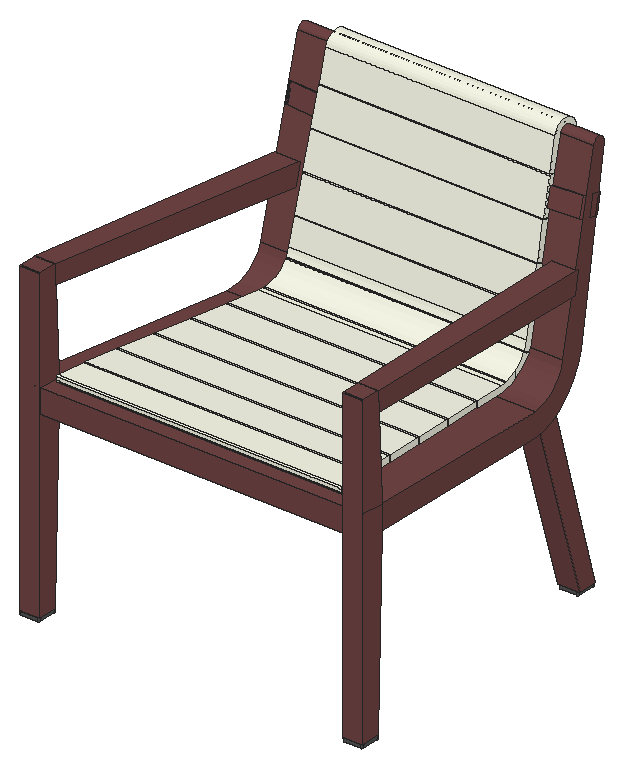
Revit family "Haworth_Janus_Quinta_Chair_Lounge", category Furniture, Revit 2018
Family settings
  OmniClass Number = 23.40.70.14.64.21
  OmniClass Title = Systems Furniture
  Work Plane-Based = No
  Always vertical = Yes
  Cut with Voids When Loaded = No
  Shared = No
  Room Calculation Point = No
Parameters (values of type "HCJC-QN-L1A-J - With Arms - Fiber Frame - With Cushion")
  Without Arms = not(With Arms)  # no
  With Arms = yes
  Warranty = "https://www.haworth.com/resources/product-info/warranties"
  URL - Product = "https://www.haworth.com/products/seating/outdoor/quinta"
  Type Comments = ""
  Support Finish [instance] = Haworth _ Fabric _ JANUSfiber _ Bronze JJF-40
  Cushion Finish [instance] = Haworth _ Fabric _ JANUSfiber _ Limestone JJF-12
  Cushion = yes
  Arm Height = if(With Arms, 25 1/2", 17")  # 25 1/2"
  Model = "HCJC-QN-L1A-J"
  URL = "http://www.haworth.com/our-brands/haworth-collection"
  Size = "Verify Final Dim. w/ Haworth"  # constant formula
  Revision Number = "2"  # constant formula
  Manufacturer = "Haworth"  # constant formula
  Seat Height = if(With Arms, 17 1/4", 17")  # 17 1/4"
  Glide Finish = Haworth _ Polymer _ Black
  Description = "Haworth Janus Quinta - Lounge Chair with Arm"
  Author = "Haworth (Abd Rahman)"  # constant formula
  Assembly Code = "E2020200"
  Actual Width = 28"
  Actual Height = 32 1/2"  # constant formula
  Actual Depth = 27"  # constant formula
Types (7): name | Without Arms | With Arms | Support Finish | Cushion | Arm Height | Model | Seat Height | Description
  (no name) | no | yes | Haworth _ Fabric _ JANUSfiber _ Bronze JJF-40 | yes | 25 1/2" | "HCJC-QN-L1A-J" | 17 1/4" | "Haworth Janus Quinta - Lounge Chair with Arm"
  HCJC-QN-L1A-W - With Arms - Wood Frame - With Cushion | no | yes | Haworth _ Wood _ JanusQuinta _ Natural Teak JW1-97 | yes | 25 1/2" | "HCJC-QN-L1A-W" | 17 1/4" | "Haworth Janus Quinta - Lounge Chair with Arm"
  HCJC-QN-L1A-J - With Arms - Fiber Frame - With Cushion | no | yes | Haworth _ Fabric _ JANUSfiber _ Bronze JJF-40 | yes | 25 1/2" | "HCJC-QN-L1A-J" | 17 1/4" | "Haworth Janus Quinta - Lounge Chair with Arm"
  HCJC-QN-L1N-W - No Arms - Wood Frame - With Cushion | yes | no | Haworth _ Wood _ JanusQuinta _ Natural Teak JW1-97 | yes | 17" | "HCJC-QN-L1N-W" | 17" | "Haworth Janus Quinta - Lounge Chair No Arma"
  HCJC-QN-L1A-J - With Arms - Fiber Frame - No Cushion | no | yes | Haworth _ Fabric _ JANUSfiber _ Bronze JJF-40 | no | 25 1/2" | "HCJC-QN-L1A-J" | 17 1/4" | "Haworth Janus Quinta - Lounge Chair with Arm"
  HCJC-QN-L1A-W - With Arms - Wood Frame - No Cushion | no | yes | Haworth _ Wood _ JanusQuinta _ Natural Teak JW1-97 | no | 25 1/2" | "HCJC-QN-L1A-W" | 17 1/4" | "Haworth Janus Quinta - Lounge Chair with Arm"
  HCJC-QN-L1N-W - No Arms - Wood Frame - No Cushion | yes | no | Haworth _ Wood _ JanusQuinta _ Natural Teak JW1-97 | no | 17" | "HCJC-QN-L1N-W" | 17" | "Haworth Janus Quinta - Lounge Chair No Arma"
Reference planes (in)
  plane 1 "Center F/B": y = -0.15866
  plane 2 "Floor": z = 0
  plane 3 "Center L/R": x = -0.125
  plane 4: z = 0
  plane 5: x = -14.125
  plane 6: y = 13.34134
  plane 7: y = -13.65866
  plane 8: x = 13.875
  plane 9 "Arm Height": z = 25.5
  plane 10: z = 0.25
  plane 11 "Leg Height": z = 17.25
  plane 12: z = 32.5
  plane 13: x = 12.27799
  plane 14: x = -12.52799
  plane 15: x = 10.53872
  plane 16: x = -10.78872
  plane 17: through (480, 6.37751, 13.75144) normal (0, 0.9572, 0.2893)
  plane 18: through (480, 12.06018, 0.25) normal (0, -0.9613, -0.2755)
Forms (in)
  Extrusion 1, solid, material "Haworth _ Fabric _ JANUSfiber _ Bronze JJF-40" <- "Support Finish", visible <- "With Arms"
    sketch origin (-0.125, 0, 0) x (0, 1, 0) y (0, 0, 1)
      loop
        line (-12.08354, 25.48172) -> (-12.00968, 23.9567) -> (9.99753, 22.12789) -> (10.42295, 23.8559) -> (-12.08354, 25.48172)
    from 9.83453 to 14.46051
  Extrusion 2, void
    sketch origin (0, 0, 0) x (1, 0, 0) y (0, 1, 0)
      loop
        line (13.96426, -12.3403) -> (14.74028, -12.3403) -> (14.74028, 10.42295) -> (12.20052, 10.42295) -> (13.96426, -12.3403)
      loop
        line (10.17955, 10.42295) -> (9.70953, 10.42295) -> (9.70953, -12.54014) -> (12.22618, -12.54014) -> (12.22618, -12.14045) -> (10.17955, 10.42295)
    from 14.27881 to 27.46666
  Extrusion 3, solid, material "Haworth _ Fabric _ JANUSfiber _ Bronze JJF-40" <- "Support Finish", visible <- "With Arms"
    sketch origin (-2.375, 0, 0) x (0, 1, 0) y (0, 0, -1)
      loop
        line (-12.08205, -25.49922) -> (10.42721, -23.8732) -> (9.99753, -22.12789) -> (-12.02184, -23.95778) -> (-12.08205, -25.49922)
    from 7.85551 to 12
  Extrusion 4, solid, material "Haworth _ Fabric _ JANUSfiber _ Bronze JJF-40" <- "Support Finish"
    sketch origin (-0.125, 0, 0.17962) x (0, 1, 0) y (0, 0, 1)
      loop
        line (-13.65866, 15.03243) -> (5.50208, 13.5611)
        arc (5.50208, 13.5611) -> (8.93146, 14.58178) -> (10.8007, 17.63275) r 5
        line (10.8007, 17.63275) -> (13.43966, 31.58106)
        arc (13.43966, 31.58106) -> (13.00154, 32.23806) -> (12.33295, 31.81783) r 0.56608
        line (12.33295, 31.81783) -> (8.86455, 17.75677)
        arc (8.86455, 17.75677) -> (7.71014, 16.04452) -> (5.72261, 15.48401) r 3
        line (5.72261, 15.48401) -> (-13.65866, 16.96935) -> (-13.65866, 15.03243)
    from -14 to 14
  Extrusion 5, void
    sketch origin (0, 0, 0) x (1, 0, 0) y (0, 1, 0)
      loop
        line (-14.09957, -11.83217) -> (-12.06189, 14.24055) -> (-15.12816, 14.24055) -> (-15.12816, -11.83217) -> (-14.09957, -11.83217)
    from 13.03853 to 36.94343
  Extrusion 6, void
    sketch origin (-0.25, 0, 0) x (-1, 0, 0) y (0, -1, 0)
      loop
        line (13.96426, 12.3403) -> (12.20019, -10.42721) -> (14.74028, -10.42721) -> (14.74028, 12.3403) -> (13.96426, 12.3403)
      loop
        line (10.17917, -10.42721) -> (12.22618, 12.14045) -> (12.22618, 12.54014) -> (9.70953, 12.54014) -> (9.70953, -10.42721) -> (10.17917, -10.42721)
    from 14.27881 to 27.46666
  Extrusion 7, void
    sketch origin (-0.25, 0, 0) x (-1, 0, 0) y (0, -1, 0)
      loop
        line (-14.09957, 11.83217) -> (-15.12816, 11.83217) -> (-15.12816, -14.24055) -> (-12.06189, -14.24055) -> (-14.09957, 11.83217)
    from 13.03853 to 36.94343
  Extrusion 8, solid, material "Haworth _ Fabric _ JANUSfiber _ Bronze JJF-40" <- "Support Finish", visible <- "With Arms"
    sketch origin (-0.125, 0, 0) x (0, 1, 0) y (0, 0, 1)
      loop
        line (-13.65866, 0.25) -> (-12.08443, 0.25) -> (-11.69696, 15.31279) -> (-11.69696, 17.25) -> (-12.01004, 23.96409) -> (-12.08443, 25.5) -> (-13.60123, 25.5)
        arc (-13.60123, 25.5) -> (-13.64184, 25.48318) -> (-13.65866, 25.44257) r 0.05743
        line (-13.65866, 25.44257) -> (-13.65866, 0.25)
    from -14 to -12.40299
  Extrusion 9, solid, material "Haworth _ Fabric _ JANUSfiber _ Bronze JJF-40" <- "Support Finish", visible <- "With Arms"
    sketch origin (-0.125, 0, 0) x (0, 1, 0) y (0, 0, -1)
      loop
        line (-13.65866, -0.25) -> (-13.65866, -25.44257)
        arc (-13.65866, -25.44257) -> (-13.64184, -25.48318) -> (-13.60123, -25.5) r 0.05743
        line (-13.60123, -25.5) -> (-12.08443, -25.5) -> (-12.01004, -23.96409) -> (-11.69696, -17.25) -> (-11.69696, -15.31279) -> (-12.08443, -0.25) -> (-13.65866, -0.25)
    from -14 to -12.40299
  Extrusion 10, solid, material "Haworth _ Polymer _ Black" <- "Glide Finish"
    sketch origin (0, 0.21875, 0) x (1, 0, 0) y (0, 1, 0)
      loop
        arc (12.38813, -12.26496) -> (12.29944, -12.3017) -> (12.2627, -12.3904) r 0.12543
        line (12.2627, -12.3904) -> (12.2627, -13.79903)
        arc (12.2627, -13.79903) -> (12.29964, -13.88822) -> (12.38883, -13.92516) r 0.12613
        line (12.38883, -13.92516) -> (13.75, -13.92516)
        arc (13.75, -13.92516) -> (13.83839, -13.88855) -> (13.875, -13.80016) r 0.125
        line (13.875, -13.80016) -> (13.875, -12.38996)
        arc (13.875, -12.38996) -> (13.83839, -12.30158) -> (13.75, -12.26496) r 0.125
        line (13.75, -12.26496) -> (12.38813, -12.26496)
    from 0 to 0.25
  Extrusion 11, solid, material "Haworth _ Polymer _ Black" <- "Glide Finish"
    sketch origin (-0.25, 0.21875, 0) x (-1, 0, 0) y (0, -1, 0)
      loop
        line (12.38813, 12.26496) -> (13.75, 12.26496)
        arc (13.75, 12.26496) -> (13.83839, 12.30158) -> (13.875, 12.38996) r 0.125
        line (13.875, 12.38996) -> (13.875, 13.80016)
        arc (13.875, 13.80016) -> (13.83839, 13.88855) -> (13.75, 13.92516) r 0.125
        line (13.75, 13.92516) -> (12.38883, 13.92516)
        arc (12.38883, 13.92516) -> (12.29964, 13.88822) -> (12.2627, 13.79903) r 0.12613
        line (12.2627, 13.79903) -> (12.2627, 12.3904)
        arc (12.2627, 12.3904) -> (12.29944, 12.3017) -> (12.38813, 12.26496) r 0.12543
    from 0 to 0.25
  Extrusion 12, solid, material "Haworth _ Polymer _ Black" <- "Glide Finish"
    sketch origin (-1.66895, -1.82987, 0) x (1, 0, 0) y (0, 1, 0)
      loop
        line (12.38813, 12.26496) -> (13.75, 12.26496)
        arc (13.75, 12.26496) -> (13.83839, 12.30158) -> (13.875, 12.38996) r 0.125
        line (13.875, 12.38996) -> (13.875, 13.80016)
        arc (13.875, 13.80016) -> (13.83839, 13.88855) -> (13.75, 13.92516) r 0.125
        line (13.75, 13.92516) -> (12.38883, 13.92516)
        arc (12.38883, 13.92516) -> (12.29964, 13.88822) -> (12.2627, 13.79903) r 0.12613
        line (12.2627, 13.79903) -> (12.2627, 12.3904)
        arc (12.2627, 12.3904) -> (12.29944, 12.3017) -> (12.38813, 12.26496) r 0.12543
    from 0 to 0.25
  Extrusion 13, solid, material "Haworth _ Polymer _ Black" <- "Glide Finish"
    sketch origin (1.39766, -1.82989, 0) x (-1, 0, 0) y (0, -1, 0)
      loop
        arc (12.38813, -12.26496) -> (12.29944, -12.3017) -> (12.2627, -12.3904) r 0.12543
        line (12.2627, -12.3904) -> (12.2627, -13.79903)
        arc (12.2627, -13.79903) -> (12.29964, -13.88822) -> (12.38883, -13.92516) r 0.12613
        line (12.38883, -13.92516) -> (13.75, -13.92516)
        arc (13.75, -13.92516) -> (13.83839, -13.88855) -> (13.875, -13.80016) r 0.125
        line (13.875, -13.80016) -> (13.875, -12.38996)
        arc (13.875, -12.38996) -> (13.83839, -12.30158) -> (13.75, -12.26496) r 0.125
        line (13.75, -12.26496) -> (12.38813, -12.26496)
    from 0 to 0.25
  Extrusion 14, solid, material "Haworth _ Fabric _ JANUSfiber _ Bronze JJF-40" <- "Support Finish"
    sketch origin (-0.125, 1.97303, -0.48574) x (0, 1, 0) y (0, 0, 1)
      loop
        line (4.40448, 14.23719) -> (8.48459, 0.73574) -> (10.08715, 0.73574) -> (6.08054, 14.71748)
        arc (6.08054, 14.71748) -> (5.23734, 14.49539) -> (4.40448, 14.23719) r 20.23428
    from 10.66372 to 12.40299
  Extrusion 15, solid, material "Haworth _ Fabric _ JANUSfiber _ Bronze JJF-40" <- "Support Finish"
    sketch origin (-0.125, 1.97303, -0.48574) x (0, 1, 0) y (0, 0, -1)
      loop
        arc (4.40448, -14.23719) -> (5.23734, -14.49539) -> (6.08054, -14.71748) r 20.23428
        line (6.08054, -14.71748) -> (10.08715, -0.73574) -> (8.48459, -0.73574) -> (4.40448, -14.23719)
    from 10.66372 to 12.40299
  Extrusion 16, solid, material "Haworth _ Fabric _ JANUSfiber _ Bronze JJF-40" <- "Support Finish"
    sketch origin (-0.125, -4.25, 0) x (0, 1, 0) y (0, 0, -1)
      loop
        line (-9.40866, -0.25) -> (-9.40866, -17.14896) -> (-7.44987, -16.99885) -> (-7.44987, -15.2017) -> (-7.83443, -0.25) -> (-9.40866, -0.25)
    from -14 to -12.40299
  Extrusion 17, solid, material "Haworth _ Fabric _ JANUSfiber _ Bronze JJF-40" <- "Support Finish"
    sketch origin (-0.125, -4.25, 0) x (0, 1, 0) y (0, 0, 1)
      loop
        line (-9.40866, 0.25) -> (-7.83443, 0.25) -> (-7.44987, 15.2017) -> (-7.44987, 16.99885) -> (-9.40866, 17.14896) -> (-9.40866, 0.25)
    from -14 to -12.40299
Cuts and joins
  Extrusion 2, Extrusion 6 cuts Extrusion 1
  Extrusion 5, Extrusion 7 cuts Extrusion 4
  joined: Extrusion 4, Extrusion 14, Extrusion 15, Extrusion 16, Extrusion 17
  Extrusion 6, Extrusion 7 cuts Extrusion 3
Lines and regions (in)
  Masking region 1
    outline origin (0, 0, 0) x (1, 0, 0) y (0, 1, 0)
      loop
        line (-12.52799, 13.34134) -> (-14.125, -13.65866) -> (13.875, -13.65866) -> (12.27799, 13.34134) -> (-12.52799, 13.34134)
  symbolic lines, style "Haworth"
    curve 1: line (-9.9873, 8.86747, 0) -> (9.5127, 8.86747, 0)
  symbolic lines, style "Haworth", visible <- "With Arms"
    curve 2: line (-10.2627, 10.8007, 0) -> (-12.40262, -13.65866, 0)
    curve 3: line (-10.2627, 10.8007, 0) -> (-12.67826, 10.8007, 0)
    curve 4: line (10.0127, 10.8007, 0) -> (12.15262, -13.65866, 0)
    curve 5: line (10.0127, 10.8007, 0) -> (12.42826, 10.8007, 0)
Dimensions and locks (in)
  "Actual Width": plane 5 to plane 8
  equal spacing: plane 5, plane 3 "Center L/R", plane 8
  "Actual Depth": plane 6 to plane 7
  equal spacing: plane 6, plane 1 "Center F/B", plane 7
  "Seat Height": plane 11 "Leg Height" to plane 4
  plane 4 to plane 11 "Leg Height" = 17 1/4"
  "Arm Height": plane 9 "Arm Height" to plane 4
  "Actual Height": plane 12 to plane 4
  plane 16 to plane 14 to plane 5 = 1.73927" locked, 1.59701" locked
  plane 15 to plane 13 to plane 8 = 1.73927" locked, 1.59701" locked
  aligned and locked: Extrusion 4 to plane 5
  aligned and locked: Extrusion 4 to plane 8
  aligned and locked: plane 8 to Extrusion 10 sketch curve
  aligned and locked: Extrusion 10 to plane 4
  aligned and locked: plane 10 to Extrusion 10
  aligned and locked: plane 6 to Masking region 1 sketch curve
  aligned and locked: plane 7 to Masking region 1 sketch curve
  aligned and locked: Extrusion 14 to plane 13
  aligned and locked: plane 15 to Extrusion 14
  aligned and locked: plane 14 to Extrusion 15
  aligned and locked: plane 16 to Extrusion 15
  aligned and locked: plane 7 to Extrusion 16 sketch curve
  aligned and locked: Extrusion 16 to plane 8
  aligned and locked: Extrusion 15 to plane 16
  aligned and locked: Extrusion 14 to plane 15
  aligned and locked: plane 13 to Extrusion 16
  aligned and locked: Extrusion 17 to plane 5
  aligned and locked: Extrusion 17 to plane 14
  aligned and locked: Extrusion 9 to plane 8
  aligned and locked: plane 13 to Extrusion 9
  aligned and locked: Extrusion 8 to plane 5
  aligned and locked: Extrusion 8 to plane 14
  aligned and locked: cut or joined group of Extrusion 4, Extrusion 5, Extrusion 7, Extrusion 14, Extrusion 15, Extrusion 16, Extrusion 17 to plane 7
  aligned and locked: Masking region 1 to plane 6
Automatic sketch dimensions
  curve 2 to plane 7 = 0"
  curve 4 to plane 7 = 0"
  plane 16 to curve 2 = 0.52602"
  plane 15 to curve 5 = 0.52602"
  plane 6 to curve 4 = 2.54064"
  plane 6 to curve 3 = 2.54064"
  curve 2 to plane 14 = 0.12537"
  plane 14 to curve 3 = 0.15028"
  plane 16 to curve 1 = 0.80142"
  plane 15 to curve 1 = 1.02602"
  plane 13 to curve 4 = 0.12537"
  curve 5 to plane 13 = 0.15028"
  curve 1 to curve 4 = 1.93323"
  Extrusion 1 sketch curve to plane 9 "Arm Height" = 0.01828"
  plane 7 to Extrusion 1 sketch curve = 1.57512"
  Extrusion 1 sketch curve to Extrusion 1 sketch curve = 0.07386"
  plane 6 to Extrusion 1 sketch curve = 3.34381"
  Extrusion 1 sketch curve to Extrusion 1 sketch curve = 0.42542"
  Extrusion 1 sketch curve to Extrusion 1 sketch curve = 1.52501"
  Extrusion 1 sketch curve to plane 9 "Arm Height" = 1.6441"
  Extrusion 1 sketch curve to Extrusion 1 sketch curve = 1.72801"
  plane 15 to Extrusion 2 sketch curve = 0.82919"
  plane 15 to Extrusion 2 sketch curve = 0.35916"
  plane 13 to Extrusion 2 sketch curve = 0.07747"
  plane 13 to Extrusion 2 sketch curve = 0.0518"
  Extrusion 2 sketch curve to plane 8 = 0.08926"
  Extrusion 2 sketch curve to plane 8 = 0.86528"
  plane 7 to Extrusion 2 sketch curve = 1.11851"
  plane 7 to Extrusion 2 sketch curve = 1.31836"
  Extrusion 2 sketch curve to Extrusion 2 sketch curve = 0.39969"
  plane 6 to Extrusion 2 sketch curve = 2.91839"  (x2)
  Extrusion 3 sketch curve to plane 9 "Arm Height" = 0.00078"
  plane 7 to Extrusion 3 sketch curve = 1.57661"
  Extrusion 3 sketch curve to Extrusion 3 sketch curve = 0.06021"
  plane 6 to Extrusion 3 sketch curve = 3.34381"
  Extrusion 3 sketch curve to Extrusion 3 sketch curve = 55/128"
  Extrusion 3 sketch curve to plane 9 "Arm Height" = 1.54222"
  Extrusion 3 sketch curve to plane 9 "Arm Height" = 1.6268"
  Extrusion 3 sketch curve to Extrusion 3 sketch curve = 1.74531"
  Extrusion 5 sketch curve to plane 5 = 1.00316"
  plane 5 to Extrusion 5 sketch curve = 0.02543"
  Extrusion 5 sketch curve to plane 14 = 0.4661"
  plane 7 to Extrusion 5 sketch curve = 1.82649"
  Extrusion 5 sketch curve to plane 6 = 0.89921"
  Extrusion 6 sketch curve to plane 16 = 0.82919"
  Extrusion 6 sketch curve to plane 16 = 0.35955"
  plane 14 to Extrusion 6 sketch curve = 0.0778"
  plane 14 to Extrusion 6 sketch curve = 0.0518"
  plane 5 to Extrusion 6 sketch curve = 0.08926"
  plane 5 to Extrusion 6 sketch curve = 0.86528"
  Extrusion 6 sketch curve to plane 7 = 1.11851"
  Extrusion 6 sketch curve to plane 7 = 1.31836"
  Extrusion 6 sketch curve to Extrusion 6 sketch curve = 0.39969"
  Extrusion 6 sketch curve to plane 6 = 2.91413"  (x2)
  plane 8 to Extrusion 7 sketch curve = 1.00316"
  Extrusion 7 sketch curve to plane 8 = 0.02543"
  Extrusion 7 sketch curve to plane 13 = 0.4661"
  Extrusion 7 sketch curve to plane 7 = 1.82649"
  plane 6 to Extrusion 7 sketch curve = 0.89921"
  Extrusion 8 sketch curve to plane 7 = 0"
  Extrusion 8 sketch curve to plane 9 "Arm Height" = 0"
  Extrusion 8 sketch curve to plane 10 = 0"
  Extrusion 8 sketch curve to Extrusion 8 sketch curve = 0.05743"
  Extrusion 8 sketch curve to Extrusion 8 sketch curve = 1.5168"
  Extrusion 8 sketch curve to Extrusion 8 sketch curve = 1 147/256"
  plane 11 "Leg Height" to Extrusion 8 sketch curve = 0"
  plane 7 to Extrusion 8 sketch curve = 1.9617"
  Extrusion 8 sketch curve to plane 11 "Leg Height" = 1.93721"
  Extrusion 8 sketch curve to Extrusion 8 sketch curve = 0.07439"
  Extrusion 8 sketch curve to Extrusion 8 sketch curve = 0"  (x2)
  Extrusion 8 sketch curve to plane 9 "Arm Height" = 1.53591"
  Extrusion 9 sketch curve to plane 7 = 0"
  Extrusion 9 sketch curve to plane 9 "Arm Height" = 0"
  Extrusion 9 sketch curve to plane 10 = 0"
  Extrusion 9 sketch curve to Extrusion 9 sketch curve = 0.05743"
  Extrusion 9 sketch curve to Extrusion 9 sketch curve = 1.5168"
  Extrusion 9 sketch curve to Extrusion 9 sketch curve = 1 147/256"
  plane 11 "Leg Height" to Extrusion 9 sketch curve = 0"
  plane 7 to Extrusion 9 sketch curve = 1.9617"
  Extrusion 9 sketch curve to plane 11 "Leg Height" = 1.93721"
  Extrusion 9 sketch curve to Extrusion 9 sketch curve = 0.07439"
  Extrusion 9 sketch curve to Extrusion 9 sketch curve = 0"  (x2)
  Extrusion 9 sketch curve to plane 9 "Arm Height" = 1.53591"
  plane 7 to Extrusion 10 sketch curve = 0.07725"
  plane 8 to Extrusion 10 sketch curve = 1/8"  (x2)
  Extrusion 10 sketch curve to plane 13 = 0.11084"
  Extrusion 10 sketch curve to plane 13 = 0.11014"
  plane 13 to Extrusion 10 sketch curve = 0.01529"
  Extrusion 10 sketch curve to Extrusion 10 sketch curve = 1.40863"
  Extrusion 11 sketch curve to plane 5 = 0"
  Extrusion 11 sketch curve to plane 7 = 0.07725"
  Extrusion 11 sketch curve to Extrusion 11 sketch curve = 1/8"  (x2)
  Extrusion 11 sketch curve to plane 14 = 0.11084"
  Extrusion 11 sketch curve to plane 14 = 0.11014"
  plane 14 to Extrusion 11 sketch curve = 0.01529"
  Extrusion 11 sketch curve to Extrusion 11 sketch curve = 1.40863"
  plane 15 to Extrusion 12 sketch curve = 0.05503"
  Extrusion 12 sketch curve to Extrusion 12 sketch curve = 0.12543"
  Extrusion 12 sketch curve to Extrusion 12 sketch curve = 0.12613"
  Extrusion 12 sketch curve to plane 13 = 0.19694"  (x2)
  Extrusion 12 sketch curve to plane 13 = 0.07194"
  Extrusion 12 sketch curve to plane 6 = 1.24605"
  Extrusion 12 sketch curve to Extrusion 12 sketch curve = 1.40863"
  Extrusion 13 sketch curve to plane 16 = 0.07632"
  Extrusion 13 sketch curve to Extrusion 13 sketch curve = 0.12543"
  Extrusion 13 sketch curve to Extrusion 13 sketch curve = 0.12613"
  Extrusion 13 sketch curve to plane 14 = 0.17565"  (x2)
  Extrusion 13 sketch curve to plane 14 = 0.05065"
  plane 6 to Extrusion 13 sketch curve = 1.24607"
  Extrusion 13 sketch curve to Extrusion 13 sketch curve = 1.40863"
  Masking region 1 sketch curve to plane 5 = 0"
  Masking region 1 sketch curve to plane 14 = 0"
  Masking region 1 sketch curve to plane 13 = 0"
  Masking region 1 sketch curve to plane 8 = 0"
  Extrusion 14 sketch curve to plane 17 = 0"  (x2)
  plane 18 to Extrusion 14 sketch curve = 0"  (x2)
  Extrusion 14 sketch curve to plane 10 = 0"
  Extrusion 14 sketch curve to plane 11 "Leg Height" = 3.01826"
  level to Extrusion 14 sketch curve = 13.75144"
  plane 6 to Extrusion 14 sketch curve = 0.55699"
  Extrusion 15 sketch curve to plane 17 = 0"  (x2)
  plane 18 to Extrusion 15 sketch curve = 0"  (x2)
  Extrusion 15 sketch curve to plane 10 = 0"
  Extrusion 15 sketch curve to plane 11 "Leg Height" = 3.01826"
  level to Extrusion 15 sketch curve = 13.75144"
  plane 6 to Extrusion 15 sketch curve = 0.55699"
  Extrusion 16 sketch curve to plane 10 = 0"
  Extrusion 16 sketch curve to Extrusion 16 sketch curve = 1 147/256"
  plane 7 to Extrusion 16 sketch curve = 1.95879"
  Extrusion 16 sketch curve to plane 11 "Leg Height" = 2.0483"
  Extrusion 16 sketch curve to plane 11 "Leg Height" = 0.25115"
  Extrusion 16 sketch curve to plane 11 "Leg Height" = 0.10104"
  Extrusion 17 sketch curve to plane 7 = 0"
  Extrusion 17 sketch curve to plane 10 = 0"
  plane 7 to Extrusion 17 sketch curve = 1 147/256"
  plane 7 to Extrusion 17 sketch curve = 1.95879"
  Extrusion 17 sketch curve to plane 11 "Leg Height" = 2.0483"
  Extrusion 17 sketch curve to plane 11 "Leg Height" = 0.25115"
  Extrusion 17 sketch curve to plane 11 "Leg Height" = 0.10104"
  Extrusion 4 sketch curve to plane 7 = 0"
  Extrusion 4 sketch curve to plane 1 "Center F/B" = 5.66073"
  Extrusion 4 sketch curve to plane 11 "Leg Height" = 1.58637"
  Extrusion 4 sketch curve to Extrusion 4 sketch curve = 0.22053"
  plane 11 "Leg Height" to Extrusion 4 sketch curve = 1.47604"
  Extrusion 4 sketch curve to Extrusion 4 sketch curve = 0.16228"
  Extrusion 4 sketch curve to Extrusion 4 sketch curve = 0.06696"
  plane 11 "Leg Height" to Extrusion 4 sketch curve = 0.68639"
  plane 11 "Leg Height" to Extrusion 4 sketch curve = 0.56237"
  Extrusion 4 sketch curve to Extrusion 4 sketch curve = 1.93616"
  Extrusion 4 sketch curve to plane 12 = 0.50255"
  plane 6 to Extrusion 4 sketch curve = 1.00839"
  plane 6 to Extrusion 4 sketch curve = 0.45823"
  Extrusion 4 sketch curve to plane 6 = 0.09832"
  Extrusion 4 sketch curve to plane 11 "Leg Height" = 2.03795"
  Extrusion 4 sketch curve to plane 11 "Leg Height" = 0.10104"
  Extrusion 4 sketch curve to Extrusion 4 sketch curve = 0.07119"
  Extrusion 4 sketch curve to plane 12 = 0.73933"
Nested families (in)
  nested 1: "Haworth_JanusQuinta_Cafe_Side_Chair_Cushion_Part" at (4, 2.75, -0.75), visible <- "Cushion", type "HCJC-QN-CPSAC-JS - Seat and Back Cushions - PART"
    with Cushion Finish Haworth _ Fabric _ JANUS _ Limestone JQ1-98
Definition of nested family "Haworth_JanusQuinta_Cafe_Side_Chair_Cushion_Part"
  Parameters (values of type "HCJC-QN-CPSAC-JS - Seat and Back Cushions - PART")
    Warranty = "https://www.haworth.com/resources/product-info/warranties"
    URL - Product = "https://www.haworth.com/products/seating/outdoor/quinta"
    Type Comments = ""
    Model = "HCJC-QN-CPSAC-JS"
    URL = "http://www.haworth.com/our-brands/haworth-collection"
    Size = "Verify Final Dim. w/ Haworth"  # constant formula
    Revision Number = "2"  # constant formula
    Manufacturer = "Haworth"  # constant formula
    Description = "Haworth Janus Quinta - Seat and Back Cushions - PART"
    Cushion Finish [instance] = none
    Connector Finish = none
    Author = "Haworth (Abd Rahman)"  # constant formula
    Assembly Code = "E2020200"
    Actual Width = 28 1/2"
    Actual Height = 33"  # constant formula
    Actual Depth = 23 1/2"  # constant formula
  Reference planes (in)
    plane 1 "Center F/B": y = -0.15866
    plane 2 "Floor": z = 0
    plane 3 "Center L/R": x = -4.125
    plane 4: z = 0
    plane 5: y = 10.46634
    plane 6: y = -13.03366
    plane 7 "Arm Height": z = 26.25
    plane 8: z = 0.25
    plane 9 "Leg Height": z = 18.25
    plane 10: z = 33
    plane 11 "Back leg 1": through (480, 5.25508, 15.13674) normal (0, 0.9644, 0.2643)
    plane 12 "Back leg 2": through (480, 6.93092, 15.6137) normal (0, 0.9677, 0.2521)
    plane 13: x = 10.125
    plane 14: x = -18.375
  Forms (in)
    Extrusion 1, solid, material <- "Cushion Finish"
      sketch origin (-4.125, 0, 0) x (0, 1, 0) y (0, 0, 1)
        loop
          arc (9.5029, 32.61143) -> (10.30075, 33.1029) -> (10.79619, 32.30752) r 0.66427
          line (10.79619, 32.30752) -> (9.70476, 27.55674)
          arc (9.70476, 27.55674) -> (9.78804, 27.47112) -> (9.88717, 27.53775) r 0.0932
          line (9.88717, 27.53775) -> (11.19308, 32.18095)
          arc (11.19308, 32.18095) -> (10.39998, 33.56394) -> (9.03223, 32.74485) r 1.11681
          line (9.03223, 32.74485) -> (5.80669, 19.35417)
          arc (5.80669, 19.35417) -> (4.78568, 17.82583) -> (3.01757, 17.32378) r 2.66128
          line (3.01757, 17.32378) -> (-12.99583, 18.54183)
          arc (-12.99583, 18.54183) -> (-14.18012, 18.59987) -> (-15.36582, 18.59401) r 22.00019
          arc (-15.36582, 18.59401) -> (-15.45438, 18.55478) -> (-15.49062, 18.46496) r 0.12891
          arc (-15.49062, 18.46496) -> (-15.49052, 18.34402) -> (-15.49062, 18.22308) r 72.79161
          arc (-15.49062, 18.22308) -> (-15.45146, 18.13033) -> (-15.35756, 18.09402) r 0.12891
          arc (-15.35756, 18.09402) -> (-14.19497, 18.10007) -> (-13.03375, 18.04327) r 21.50019
          line (-13.03375, 18.04327) -> (2.97965, 16.82522)
          arc (2.97965, 16.82522) -> (5.02451, 17.38214) -> (6.25808, 19.1055) r 3.16128
          line (6.25808, 19.1055) -> (9.5029, 32.61143)
      from -14.25 to 14.25
    Extrusion 2, void
      sketch origin (0, -0.15866, 0) x (1, 0, 0) y (0, 0, 1)
        loop
          line (5.59907, 15.77168) -> (10.64077, 15.77168) -> (10.64077, 34.3904) -> (5.16676, 34.3904) -> (5.59907, 15.77168)
      from -16.01974 to -4.65493
    Extrusion 3, void
      sketch origin (-0.25, -0.15866, 0) x (-1, 0, 0) y (0, 0, -1)
        loop
          line (13.15662, -34.3904) -> (18.64077, -34.3904) -> (18.64077, -15.77168) -> (13.76121, -15.77168) -> (13.15662, -34.3904)
      from -16.01974 to -4.65493
    Extrusion 4, void
      sketch origin (0, 0, 0) x (1, 0, 0) y (0, 1, 0)
        loop
          line (5.57195, 4.49627) -> (7.77217, -19.15866) -> (10.875, -19.15866) -> (10.875, 4.49627) -> (5.57195, 4.49627)
      from 15.29493 to 19.50348
    Extrusion 5, void
      sketch origin (-0.5127, 0, 0) x (-1, 0, 0) y (0, -1, 0)
        loop
          line (13.49846, -4.49627) -> (18.875, -4.49627) -> (18.875, 17.15866) -> (15.51266, 17.15866) -> (13.49846, -4.49627)
      from 15.29493 to 19.50348
    Extrusion 6, void
      sketch origin (0, 0.02344, 0) x (1, 0, 0) y (0, 1, 0)
        loop
          line (-18.09558, -9.88978) -> (-18.09558, -10.04584) -> (9.8601, -10.04584) -> (9.8601, -9.88978) -> (-18.09558, -9.88978)
      from 17.76646 to 18.66446
    Extrusion 7, void
      sketch origin (0, 3.38394, 0) x (1, 0, 0) y (0, 1, 0)
        loop
          line (-17.84244, -9.88978) -> (-17.84244, -10.04584) -> (9.60455, -10.04584) -> (9.60455, -9.88978) -> (-17.84244, -9.88978)
      from 17.37697 to 18.37389
    Extrusion 8, void
      sketch origin (0, 6.73113, 0) x (1, 0, 0) y (0, 1, 0)
        loop
          line (-17.59485, -9.88978) -> (-17.59485, -10.04584) -> (9.34831, -10.04584) -> (9.34831, -9.88978) -> (-17.59485, -9.88978)
      from 17.26046 to 18.11662
    Extrusion 9, void
      sketch origin (0, 10.0836, 0) x (1, 0, 0) y (0, 1, 0)
        loop
          line (-17.33906, -9.88978) -> (-17.33906, -10.04584) -> (9.07934, -10.04584) -> (9.07934, -9.88978) -> (-17.33906, -9.88978)
      from 17.03674 to 17.92832
    Extrusion 10, void
      sketch origin (0, 13.45081, 0) x (1, 0, 0) y (0, 1, 0)
        loop
          line (-17.08326, -9.88978) -> (-17.08326, -10.04584) -> (8.82354, -10.04584) -> (8.82354, -9.88978) -> (-17.08326, -9.88978)
      from 16.90426 to 17.61699
    Extrusion 11, void
      sketch origin (-0.25439, -15.59329, -7.64705) x (1, 0, 0) y (0, 0.469472, 0.882948)
        loop
          line (-16.61061, 33.19514) -> (-16.61061, 33.08906) -> (8.77684, 33.08906) -> (8.77684, 33.19514) -> (-16.61061, 33.19514)
      from -7.08272 to -6.08738
    Extrusion 12, void
      sketch origin (-0.25439, -9.13979, -8.5531) x (1, 0, 0) y (0, 0.281922, 0.959437)
        loop
          line (-16.61061, 33.20763) -> (-16.61061, 33.08906) -> (8.77684, 33.08906) -> (8.77684, 33.20763) -> (-16.61061, 33.20763)
      from -7.08272 to -6.08738
    Extrusion 13, void
      sketch origin (-0.25439, -8.6119, -5.51748) x (1, 0, 0) y (0, 0.289993, 0.957029)
        loop
          line (-16.61061, 33.19514) -> (-16.61061, 33.08906) -> (8.77684, 33.08906) -> (8.77684, 33.19514) -> (-16.61061, 33.19514)
      from -7.08272 to -6.08738
    Extrusion 14, void
      sketch origin (-0.25439, -4.70281, -4.07484) x (1, 0, 0) y (0, 0.188771, 0.982021)
        loop
          line (-16.61061, 33.19514) -> (-16.61061, 33.08906) -> (8.77684, 33.08906) -> (8.77684, 33.19514) -> (-16.61061, 33.19514)
      from -7.08272 to -6.08738
    Extrusion 15, void
      sketch origin (-0.25439, -5.14813, -0.66746) x (1, 0, 0) y (0, 0.224951, 0.97437)
        loop
          line (-16.61061, 33.19514) -> (-16.61061, 33.08906) -> (8.77684, 33.08906) -> (8.77684, 33.19514) -> (-16.61061, 33.19514)
      from -7.08272 to -6.08738
    Extrusion 16, solid, material <- "Connector Finish"
      sketch origin (-9.31001, -6.33265, 2.69981) x (-0.999848, 0, 0.017452) y (0.003907, -0.974618, 0.223839)
        loop
          arc (7.21502, -10.27326) -> (7.32331, -10.22699) -> (7.36902, -10.11845) r 0.15709
          line (7.36902, -10.11845) -> (7.38777, -8.81178)
          arc (7.38777, -8.81178) -> (7.34768, -8.7045) -> (7.24553, -8.65271) r 0.15755
          line (7.24553, -8.65271) -> (4.48357, -8.38328) -> (4.48357, -8.50752) -> (7.21966, -8.77002)
          arc (7.21966, -8.77002) -> (7.2558, -8.78829) -> (7.26998, -8.82621) r 0.05564
          line (7.26998, -8.82621) -> (7.25262, -10.0366)
          arc (7.25262, -10.0366) -> (7.23579, -10.07651) -> (7.19595, -10.09347) r 0.0577
          line (7.19595, -10.09347) -> (4.45786, -10.14203) -> (4.45786, -10.32731) -> (7.21502, -10.27326)
      from 27.75744 to 29.32689
    Extrusion 17, void
      sketch origin (0, -2.97656, 0) x (1, 0, 0) y (0, 1, 0)
        loop
          line (-18.09558, -9.88978) -> (-18.09558, -10.04584) -> (9.8601, -10.04584) -> (9.8601, -9.88978) -> (-18.09558, -9.88978)
      from 17.76646 to 18.66446
    Extrusion 18, solid, material <- "Connector Finish"
      sketch origin (1.06001, -6.33265, 2.69981) x (0.999848, 0, 0.017452) y (0.003907, 0.974618, -0.223839)
        loop
          line (7.21502, 10.27326) -> (4.45786, 10.32731) -> (4.45786, 10.14203) -> (7.19595, 10.09347)
          arc (7.19595, 10.09347) -> (7.23579, 10.07651) -> (7.25262, 10.0366) r 0.0577
          line (7.25262, 10.0366) -> (7.26998, 8.82621)
          arc (7.26998, 8.82621) -> (7.2558, 8.78829) -> (7.21966, 8.77002) r 0.05564
          line (7.21966, 8.77002) -> (4.48357, 8.50752) -> (4.48357, 8.38328) -> (7.24553, 8.65271)
          arc (7.24553, 8.65271) -> (7.34768, 8.7045) -> (7.38777, 8.81178) r 0.15755
          line (7.38777, 8.81178) -> (7.36902, 10.11845)
          arc (7.36902, 10.11845) -> (7.32331, 10.22699) -> (7.21502, 10.27326) r 0.15709
      from 27.75744 to 29.32689
  Cuts and joins
    Extrusion 2, Extrusion 3, Extrusion 4, Extrusion 5, Extrusion 6, Extrusion 7, Extrusion 8, Extrusion 9, Extrusion 10, Extrusion 11, Extrusion 12, Extrusion 13, Extrusion 14, Extrusion 15, Extrusion 17 cuts Extrusion 1
  Lines and regions (in)
    Masking region 1
      outline origin (0, 0, 0) x (1, 0, 0) y (0, 1, 0)
        loop
          line (5.57195, 4.49627) -> (5.57195, 10.46634) -> (-14.00543, 10.46634) -> (-14.00543, 4.79145) -> (-15.6634, -13.03366) -> (7.20246, -13.03366) -> (5.57195, 4.49627)
  Dimensions and locks (in)
    "Actual Depth": plane 5 to plane 6
    plane 5 to plane 1 "Center F/B" to plane 6 = 10 5/8", 12 7/8"
    locked: plane 9 "Leg Height" to plane 4 at 18.25
    plane 4 to plane 9 "Leg Height" = 18 1/4"
    locked: plane 7 "Arm Height" to plane 4 at 26.25
    "Actual Height": plane 10 to plane 4
    "Actual Width": plane 14 to plane 13
    equal spacing: plane 14, plane 3 "Center L/R", plane 13
    aligned and locked: Extrusion 1 to plane 13
    aligned and locked: plane 14 to Extrusion 1
  Automatic sketch dimensions
    Extrusion 16 sketch curve to Extrusion 16 sketch curve = 0.02571"
    Extrusion 16 sketch curve to Extrusion 16 sketch curve = 2.73706"
    Extrusion 16 sketch curve to Extrusion 16 sketch curve = 0.00102"
    Extrusion 16 sketch curve to Extrusion 16 sketch curve = 0.01599"
    Extrusion 16 sketch curve to Extrusion 16 sketch curve = 0.01943"
    Extrusion 16 sketch curve to Extrusion 16 sketch curve = 0.00308"
    Extrusion 16 sketch curve to Extrusion 16 sketch curve = 0.00531"
    Extrusion 16 sketch curve to Extrusion 16 sketch curve = 0.01588"
    Extrusion 16 sketch curve to Extrusion 16 sketch curve = 0.02587"
    Extrusion 16 sketch curve to Extrusion 16 sketch curve = 0.05769"
    Extrusion 16 sketch curve to Extrusion 16 sketch curve = 0.03975"
    Extrusion 16 sketch curve to Extrusion 16 sketch curve = 0.1164"
    Extrusion 16 sketch curve to Extrusion 16 sketch curve = 0.11778"
    Extrusion 16 sketch curve to Extrusion 16 sketch curve = 0.05405"
    Extrusion 16 sketch curve to Extrusion 16 sketch curve = 0.18528"
    Extrusion 16 sketch curve to Extrusion 16 sketch curve = 0.15481"
    Extrusion 16 sketch curve to Extrusion 16 sketch curve = 0.02273"
    Extrusion 16 sketch curve to Extrusion 16 sketch curve = 0.05686"
    Extrusion 16 sketch curve to Extrusion 16 sketch curve = 1.21039"
    Extrusion 16 sketch curve to Extrusion 16 sketch curve = 0.0008"
    Extrusion 16 sketch curve to Extrusion 16 sketch curve = 0.01443"
    Extrusion 16 sketch curve to Extrusion 16 sketch curve = 0.01589"
    Extrusion 16 sketch curve to Extrusion 16 sketch curve = 1.63451"
    Extrusion 16 sketch curve to Extrusion 16 sketch curve = 0.12424"
    Extrusion 1 sketch curve to Extrusion 1 sketch curve = 0"  (x9)
    plane 9 "Leg Height" to Extrusion 1 sketch curve = 0.09351"
    plane 9 "Leg Height" to Extrusion 1 sketch curve = 0.21517"
    Extrusion 1 sketch curve to plane 9 "Leg Height" = 0.02714"
    Extrusion 1 sketch curve to plane 6 = 0.00009"
    plane 6 to Extrusion 1 sketch curve = 0.03783"
    Extrusion 1 sketch curve to plane 9 "Leg Height" = 1.42478"
    Extrusion 1 sketch curve to plane 1 "Center F/B" = 3.1383"
    Extrusion 1 sketch curve to plane 9 "Leg Height" = 0.92622"
    Extrusion 1 sketch curve to Extrusion 1 sketch curve = 0.03792"
    Extrusion 1 sketch curve to Extrusion 1 sketch curve = 0.20185"
    plane 9 "Leg Height" to Extrusion 1 sketch curve = 1.10417"
    Extrusion 1 sketch curve to Extrusion 1 sketch curve = 2.58728"
    plane 9 "Leg Height" to Extrusion 1 sketch curve = 0.8555"
    Extrusion 1 sketch curve to plane 10 = 0.25515"
    plane 5 to Extrusion 1 sketch curve = 1.43412"
    Extrusion 1 sketch curve to plane 10 = 0.38857"
    Extrusion 1 sketch curve to Extrusion 1 sketch curve = 0.47068"
    plane 5 to Extrusion 1 sketch curve = 0.76159"
    Extrusion 1 sketch curve to Extrusion 1 sketch curve = 0.09293"
    Extrusion 1 sketch curve to Extrusion 1 sketch curve = 0.08948"
    plane 5 to Extrusion 1 sketch curve = 0.34836"
    Extrusion 1 sketch curve to Extrusion 1 sketch curve = 0.03081"
    Extrusion 1 sketch curve to plane 5 = 0.32985"
    Extrusion 1 sketch curve to Extrusion 1 sketch curve = 0.39688"
    Extrusion 1 sketch curve to plane 9 "Leg Height" = 0.20673"
    plane 9 "Leg Height" to Extrusion 1 sketch curve = 0.29183"
    plane 7 "Arm Height" to Extrusion 1 sketch curve = 1.28775"
    Extrusion 1 sketch curve to Extrusion 1 sketch curve = 0.01899"
    Extrusion 1 sketch curve to plane 10 = 0.81905"
    Extrusion 1 sketch curve to Extrusion 1 sketch curve = 0.12657"
    Extrusion 1 sketch curve to Extrusion 1 sketch curve = 33/256"
    Extrusion 1 sketch curve to plane 9 "Leg Height" = 0.02692"
    Extrusion 1 sketch curve to Extrusion 1 sketch curve = 0.00416"
    plane 10 to Extrusion 2 sketch curve = 1.3904"
    plane 13 to Extrusion 2 sketch curve = 4.95824"
    plane 13 to Extrusion 2 sketch curve = 4.52593"
    Extrusion 2 sketch curve to plane 13 = 0.51577"
    Extrusion 2 sketch curve to plane 9 "Leg Height" = 2.47832"
    Extrusion 3 sketch curve to plane 10 = 1.3904"
    plane 14 to Extrusion 3 sketch curve = 4.96838"
    plane 14 to Extrusion 3 sketch curve = 4.36379"
    Extrusion 3 sketch curve to plane 14 = 0.51577"
    plane 9 "Leg Height" to Extrusion 3 sketch curve = 2.47832"
    plane 13 to Extrusion 4 sketch curve = 4.55305"
    plane 13 to Extrusion 4 sketch curve = 2.35283"
    Extrusion 4 sketch curve to plane 13 = 3/4"
    Extrusion 4 sketch curve to plane 6 = 6 1/8"
    Extrusion 4 sketch curve to plane 1 "Center F/B" = 4.65493"
    plane 14 to Extrusion 5 sketch curve = 4.36384"
    plane 14 to Extrusion 5 sketch curve = 2.34965"
    Extrusion 5 sketch curve to plane 14 = 1.0127"
    plane 6 to Extrusion 5 sketch curve = 4 1/8"
    plane 1 "Center F/B" to Extrusion 5 sketch curve = 4.65493"
    Extrusion 6 sketch curve to plane 14 = 0.27942"
    plane 13 to Extrusion 6 sketch curve = 0.2649"
    plane 6 to Extrusion 6 sketch curve = 3.01126"
    Extrusion 6 sketch curve to Extrusion 6 sketch curve = 0.15606"
    Extrusion 7 sketch curve to plane 14 = 0.53256"
    plane 13 to Extrusion 7 sketch curve = 0.52045"
    plane 6 to Extrusion 7 sketch curve = 6.37176"
    Extrusion 7 sketch curve to Extrusion 7 sketch curve = 0.15606"
    Extrusion 8 sketch curve to plane 14 = 0.78015"
    plane 13 to Extrusion 8 sketch curve = 0.77669"
    plane 1 "Center F/B" to Extrusion 8 sketch curve = 3.15606"
    Extrusion 8 sketch curve to Extrusion 8 sketch curve = 0.15606"
    Extrusion 9 sketch curve to plane 1 "Center F/B" = 0.19642"
    Extrusion 9 sketch curve to plane 14 = 1.03594"
    plane 13 to Extrusion 9 sketch curve = 1.04566"
    Extrusion 9 sketch curve to Extrusion 9 sketch curve = 0.15606"
    Extrusion 10 sketch curve to plane 14 = 1.29174"
    plane 13 to Extrusion 10 sketch curve = 1.30146"
    Extrusion 10 sketch curve to plane 1 "Center F/B" = 3.56362"
    Extrusion 10 sketch curve to Extrusion 10 sketch curve = 0.15606"
    Extrusion 11 sketch curve to plane 14 = 1.51"
    plane 13 to Extrusion 11 sketch curve = 1.60255"
    Extrusion 11 sketch curve to Extrusion 11 sketch curve = 0.10608"
    Extrusion 12 sketch curve to plane 14 = 1.51"
    plane 13 to Extrusion 12 sketch curve = 1.60255"
    Extrusion 12 sketch curve to Extrusion 12 sketch curve = 0.11857"
    Extrusion 13 sketch curve to plane 14 = 1.51"
    plane 13 to Extrusion 13 sketch curve = 1.60255"
    Extrusion 13 sketch curve to Extrusion 13 sketch curve = 0.10608"
    Extrusion 14 sketch curve to plane 14 = 1.51"
    plane 13 to Extrusion 14 sketch curve = 1.60255"
    Extrusion 14 sketch curve to Extrusion 14 sketch curve = 0.10608"
    Extrusion 15 sketch curve to plane 14 = 1.51"
    plane 13 to Extrusion 15 sketch curve = 1.60255"
    Extrusion 15 sketch curve to Extrusion 15 sketch curve = 0.10608"
    Masking region 1 sketch curve to plane 6 = 0"
    plane 5 to Masking region 1 sketch curve = 0"
    Masking region 1 sketch curve to plane 14 = 2.7116"
    Masking region 1 sketch curve to plane 14 = 4.36957"
    plane 13 to Masking region 1 sketch curve = 4.55305"
    plane 13 to Masking region 1 sketch curve = 2.92254"
    Masking region 1 sketch curve to plane 1 "Center F/B" = 4.65493"
    Masking region 1 sketch curve to plane 1 "Center F/B" = 4.95011"
    plane 6 to Extrusion 17 sketch curve = 0.01126"
    Extrusion 17 sketch curve to plane 14 = 0.27942"
    plane 13 to Extrusion 17 sketch curve = 0.2649"
    Extrusion 17 sketch curve to Extrusion 17 sketch curve = 0.15606"
    Extrusion 18 sketch curve to Extrusion 18 sketch curve = 0.02571"
    Extrusion 18 sketch curve to Extrusion 18 sketch curve = 2.73706"
    Extrusion 18 sketch curve to Extrusion 18 sketch curve = 0.00102"
    Extrusion 18 sketch curve to Extrusion 18 sketch curve = 0.01599"
    Extrusion 18 sketch curve to Extrusion 18 sketch curve = 0.01943"
    Extrusion 18 sketch curve to Extrusion 18 sketch curve = 0.00308"
    Extrusion 18 sketch curve to Extrusion 18 sketch curve = 0.00531"
    Extrusion 18 sketch curve to Extrusion 18 sketch curve = 0.01588"
    Extrusion 18 sketch curve to Extrusion 18 sketch curve = 0.02587"
    Extrusion 18 sketch curve to Extrusion 18 sketch curve = 0.05769"
    Extrusion 18 sketch curve to Extrusion 18 sketch curve = 0.03975"
    Extrusion 18 sketch curve to Extrusion 18 sketch curve = 0.1164"
    Extrusion 18 sketch curve to Extrusion 18 sketch curve = 0.11778"
    Extrusion 18 sketch curve to Extrusion 18 sketch curve = 0.12424"
    Extrusion 18 sketch curve to Extrusion 18 sketch curve = 0.14519"
    Extrusion 18 sketch curve to Extrusion 18 sketch curve = 0.11731"
    Extrusion 18 sketch curve to Extrusion 18 sketch curve = 0.03949"
    Extrusion 18 sketch curve to Extrusion 18 sketch curve = 0.01589"
    Extrusion 18 sketch curve to Extrusion 18 sketch curve = 1.21037"
    Extrusion 18 sketch curve to Extrusion 18 sketch curve = 0.00083"
    Extrusion 18 sketch curve to Extrusion 18 sketch curve = 0.02273"
    Extrusion 18 sketch curve to Extrusion 18 sketch curve = 0.08185"
    Extrusion 18 sketch curve to Extrusion 18 sketch curve = 1.63451"
    Extrusion 18 sketch curve to Extrusion 18 sketch curve = 0.18528"
